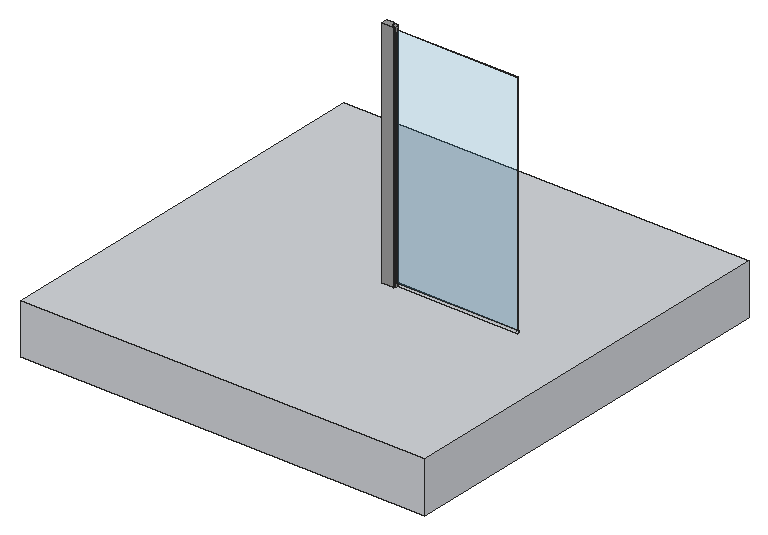
Revit family "ISI_IdealStandard_BathScreens_Connect_T9923", category Plumbing Fixtures, host Face, Revit 2012
Parameters (values of type "T9923EO - New Connect Angle Bath Screen")
  WaterEfficientProduct = no
  WarrantyStartDate [instance] = "1900-12-31T23:59:59"
  WarrantyGuarantorParts = "Productinfo@thebluebook.co.uk"
  WarrantyGuarantorLabor = "n/a"
  WarrantyDurationUnit = "year"
  WarrantyDurationParts = "10"
  WarrantyDurationLabor = "n/a"
  WarrantyDescription = "Manufacturers warranty"
  WRAS = no
  WFU = 0
  VolumeUnits = "Litres"
  Version = "2"
  Uniclass2 = "Pr_40_20_06_79"
  URL = "www.idealspec.co.uk"
  Type Comments = "n/a"
  TagNumber [instance] = "n/a"
  TMV3 = no
  SustainabilityPerformance = "n/a"
  SpareParts = "www.fastpart-spares.co.uk"
  Space = "Internal"
  Size = "1400 x 810 x 40 mm"
  Shape = "Rectangular"
  SerialNumber [instance] = "n/a"
  ScreenMaterial = ISI_IdealStandard_Glass_Clear_Render
  Revision = "n/a"
  ReplacementCost = "n/a"
  ProductInformation = "www.idealspec.co.uk/datasheets/T9923EO"
  Phone = "01482 346 461"
  NominalWidth = 40 mm
  NominalLength = 810 mm
  NominalHeight = 1400 mm
  NominalDepth = 40 mm
  NettWeight = "20 Kg"
  Name = "ShowerEnclosures_Connect_T9923_IdealStandard"
  NBSTypeID = "n/a"
  NBSReference = "45-35-70/332"
  NBSOfficeMasterTag = "n/a"
  NBSNote = "n/a"
  NBSDescription = "Shower enclosures"
  NBSCertification = "n/a"
  ModelReference = "New connect angle bath screen"
  ModelNumber = "T9923EO"
  Model = "T9923EO"
  MaterialThickness = 5 mm
  Material = "Glass"
  ManufacturerURL = "www.idealspec.co.uk"
  Manufacturer = "Productinfo@thebluebook.co.uk"
  LinearUnits = "millimeters"
  Keynote = "n/a"
  InstallationInstructions = "www.idealspec.co.uk/resources.html"
  InstallationDate [instance] = "1900-12-31T23:59:59"
  IfcExportType = "BATH"
  IfcExportAs = "IfcSanitaryTerminalType"
  Help = "Productinfo@thebluebook.co.uk"
  HasGrabHandles = no
  HWFU = 0
  GrossWeight = "n/a"
  Grade = "n/a"
  Finish = "Clear"
  Features = "Angle bath screen"
  ExtrusionMaterial = ISI_IdealStandard_Baths_Chrome_Render
  ExpectedLife = "30"
  ECA = no
  DurationUnit = "year"
  DrainSize = 0 mm
  DistributedBy = "n/a"
  Description = "New connect angle bath screen"
  Default Elevation = 1219.2 mm
  CurrencyUnit = "n/a"
  CreatedOn = "2015-08-10"
  Constituents = "n/a"
  ConnectionType = "PLUMBING"
  Color = "Clear"
  CodePerformance = "EN 14428:2004"
  CWFU = 0
  Brand = "Ideal Standard"
  BathType = "Domestic"
  BarCode [instance] = "8014140383246"
  BREEAM = no
  BIMObjectName = "ISI_IdealStandard_ShowerEnclosures_Connect_T9923"
  Author = "Ideal Standard (UK) Ltd"
  AssetType = "Fixed"
  AssetIdentifier [instance] = "n/a"
  Assembly Code = "C1030200"
  AreaUnits = "millimeters"
  AreaMeasurement = "n/a"
  Accessories = "www.idealspec.co.uk"
  AccessibilityPerformance = "n/a"
Reference planes
  plane 1 "Center (Front/Back)": y = 0
  plane 2: z = 0
  plane 3 "Center (Left/Right)": x = 0
  plane 4: y = 20
  plane 5: y = -20
  plane 6: x = 810
  plane 7: y = 3
  plane 8: y = -3
  plane 9: z = 14
Forms (mm)
  Extrusion 1, solid
    sketch origin (0, 0, 0) x (1, 0, 0) y (0, 1, 0)
      loop
        line (-1219.2, 1219.2) -> (-1219.2, -1219.2) -> (1219.2, -1219.2) -> (1219.2, 1219.2) -> (-1219.2, 1219.2)
    from 0 to -304.8
  Extrusion 2, solid, material "ISI_IdealStandard_Baths_Chrome_Render" <- "ExtrusionMaterial"
    sketch origin (0, 0, 0) x (1, 0, 0) y (0, 1, 0)
      loop
        line (0, 20) -> (0, -20) -> (75, -20) -> (75, -17.591)
        arc (75, -17.591) -> (74.272, -16.047) -> (72.617, -15.628) r 2
        line (72.617, -15.628) -> (63.853, -14.956)
        arc (63.853, -14.956) -> (75.193, -11.005) -> (80, 0) r 15
        arc (80, 0) -> (65, 15) -> (50, 0) r 15
        line (50, 0) -> (50, 5)
        arc (50, 5) -> (45.607, 15.607) -> (35, 20) r 15
        line (35, 20) -> (0, 20)
    from 0 to 1400
  Extrusion 3, solid, material "ISI_IdealStandard_Glass_Clear_Render" <- "ScreenMaterial", detail levels medium+fine
    sketch origin (-38.098, -4572, 14) x (-1, 0, 0) y (0, -1, 0)
      loop
        arc (-117.795, -4575) -> (-118.098, -4572) -> (-117.795, -4569) r 15
        line (-117.795, -4569) -> (-848.098, -4569) -> (-848.098, -4575) -> (-117.795, -4575)
    from 0 to 1370
  Extrusion 4, solid, detail levels medium+fine
    sketch origin (810, 266.639, 1219.2) x (0, 1, 0) y (0, 0, 1)
      loop
        line (-263.639, -1205.2) -> (-266.639, -1205.2)
        arc (-266.639, -1205.2) -> (-267.068, -1212.43) -> (-269.639, -1219.2) r 23.929
        arc (-269.639, -1219.2) -> (-264.956, -1212.921) -> (-263.639, -1205.2) r 16.75
    from 0 to -735
Dimensions and locks
  "NominalLength": plane 3 "Center (Left/Right)" to plane 6
  "NominalWidth": plane 4 to plane 5
  "NominalHeight": Extrusion 2 to Extrusion 1
  aligned and locked: plane 2 to Extrusion 1
  aligned and locked: level to Extrusion 1
  aligned and locked: Extrusion 2 to plane 3 "Center (Left/Right)"
  aligned and locked: plane 4 to Extrusion 2
  aligned and locked: Extrusion 2 to plane 5
Automatic sketch dimensions
  Extrusion 1 sketch curve to Extrusion 1 sketch curve = 2438.4 mm  (x2)
  Extrusion 2 sketch curve to Extrusion 2 sketch curve = 0 mm
  Extrusion 2 sketch curve to plane 3 "Center (Left/Right)" = 0 mm
  Extrusion 2 sketch curve to plane 4 = 0 mm
  plane 1 "Center (Front/Back)" to Extrusion 2 sketch curve = 0 mm  (x2)
  Extrusion 2 sketch curve to plane 5 = 0 mm
  plane 3 "Center (Left/Right)" to Extrusion 2 sketch curve = 35 mm
  plane 7 to Extrusion 2 sketch curve = 2 mm
  Extrusion 2 sketch curve to Extrusion 2 sketch curve = 13.853 mm
  plane 5 to Extrusion 2 sketch curve = 5.044 mm
  Extrusion 2 sketch curve to Extrusion 2 sketch curve = 15 mm
  plane 5 to Extrusion 2 sketch curve = 4.372 mm
  Extrusion 2 sketch curve to Extrusion 2 sketch curve = 8.764 mm
  Extrusion 2 sketch curve to Extrusion 2 sketch curve = 0.383 mm
  Extrusion 2 sketch curve to Extrusion 2 sketch curve = 2 mm
  Extrusion 3 sketch curve to plane 6 = 0 mm
  Extrusion 3 sketch curve to plane 7 = 0 mm
  Extrusion 3 sketch curve to plane 8 = 0 mm
  plane 1 "Center (Front/Back)" to Extrusion 3 sketch curve = 0 mm
  plane 3 "Center (Left/Right)" to Extrusion 3 sketch curve = 79.697 mm
  Extrusion 3 sketch curve to Extrusion 3 sketch curve = 14.697 mm
  Extrusion 4 sketch curve to level = 0 mm
  Extrusion 4 sketch curve to plane 8 = 0 mm
  Extrusion 4 sketch curve to plane 1 "Center (Front/Back)" = 0 mm
  Extrusion 4 sketch curve to plane 7 = 0 mm
  Extrusion 4 sketch curve to plane 9 = 0 mm
  Extrusion 4 sketch curve to plane 9 = 1.124 mm
  Extrusion 4 sketch curve to plane 9 = 2.216 mm
